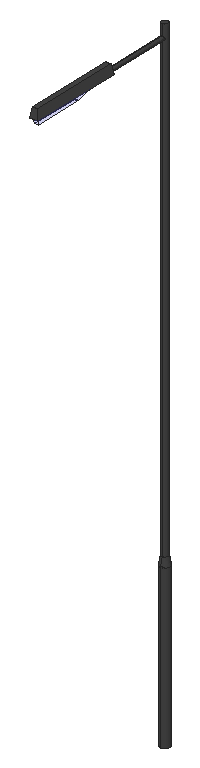
Revit family
Parameters
  Wattage = 250 W
  built-in parameter 1150110 = 1 (stored number, unit not read)
  built-in parameter 1114217 = 1 (stored number, unit not read)
  built-in parameter 1150109 = 1 (stored number, unit not read)
  built-in parameter 1150134 = 3
  built-in parameter 1150113 = 1 (stored number, unit not read)
  Material Lamp Post = Paint - Black Matte
  Material Lamp Glazing = Glass
  built-in parameter 1150105 = 1432.4 (stored number, unit not read)
  Lumens = 4500 lm
  built-in parameter 1150115 = 1 (stored number, unit not read)
  Light Source Symbol Size = 609.6 mm
  built-in parameter 1150137 = (empty or 0)
  built-in parameter 1150139 = (empty or 0)
  built-in parameter 1150112 = 1 (stored number, unit not read)
  built-in parameter 1150114 = 1 (stored number, unit not read)
  built-in parameter 1150132 = (empty or 0)
  built-in parameter 1150102 = (empty or 0)
  built-in parameter 1150107 = 3200 (stored number, unit not read)
  built-in parameter 1150138 = (empty or 0)
  built-in parameter 1150106 = 14.324 (stored number, unit not read)
  Height = 10000 mm
  built-in parameter 1150104 = 1.6723 (stored number, unit not read)
  Dimming Lamp Color Temperature Shift = (empty or 0)
  Color Filter = 16777215
  Base Height = 2500 mm
  built-in parameter 1114218 = 1 (stored number, unit not read)
  built-in parameter 1150133 = 10 (stored number, unit not read)
  Arm Length = 2500 mm
Reference planes
  plane 1 "Light Source Axis (F/B)": y = 0
  plane 2: z = 0
  plane 3 "Light Source Axis (L/R)": x = 43.565
  plane 4 "Light Source Elevation": z = 10000
  plane 5: z = 2500
  plane 6: x = -6.435
  plane 7: x = 93.565
  plane 8: z = 2640
  plane 9: y = -2500
  plane 10: y = -2050
  plane 11: z = 9800
  plane 12: x = 43.565
  plane 13: z = 9800
  plane 14: y = -1320
  plane 15: z = 9670
Forms (mm)
  Extrusion 1, solid, material "Paint - Black Matte" <- "Material Lamp Post"
    sketch origin (0, 0, 2500) x (0, -1, 0) y (-1, 0, 0)
      loop
        circle (0, -43.565) r 50
    from -140 to -7500
  Blend 2, solid, material "Paint - Black Matte" <- "Material Lamp Post"
    base sketch origin (0, 0, 2500) x (0, -1, 0) y (1, 0, 0)
      loop
        circle (0, 43.565) r 75
    top sketch origin (0, 0, 2500) x (0, -1, 0) y (1, 0, 0)
      loop
        circle (0, 43.565) r 50
    from 0 to 140
  Extrusion 3, solid, material "Paint - Black Matte" <- "Material Lamp Post"
    sketch origin (0, 0, 2500) x (0, -1, 0) y (-1, 0, 0)
      loop
        circle (0, -43.565) r 75
    from 0 to 2500
  Extrusion 4, solid, material "Paint - Black Matte" <- "Material Lamp Post"
    sketch origin (0, -2050, 0) x (0, 0, -1) y (1, 0, 0)
      loop
        circle (-9800, 43.565) r 30
    from 0 to -2050
  Blend 5, solid, material "Paint - Black Matte" <- "Material Lamp Post"
    base sketch origin (0, 0, 9800) x (0, 1, 0) y (-1, 0, 0)
      loop
        line (-1070, -111.065) -> (-1070, 23.935) -> (-2530, 23.935) -> (-2530, -111.065) -> (-1070, -111.065)
    top sketch origin (0, 0, 9800) x (0, 1, 0) y (-1, 0, 0)
      loop
        line (-1100, -6.065) -> (-2500, -6.065) -> (-2500, -81.065) -> (-1100, -81.065) -> (-1100, -6.065)
    from -30 to 119.26
  Blend 6, solid, material "Glass" <- "Material Lamp Glazing"
    base sketch origin (0, 0, 9800) x (0, 1, 0) y (-1, 0, 0)
      loop
        line (-1320, -6.065) -> (-2500, -6.065) -> (-2500, -81.065) -> (-1320, -81.065) -> (-1320, -6.065)
    top sketch origin (0, 0, 9800) x (0, 1, 0) y (-1, 0, 0)
      loop
        line (-1700, -18.565) -> (-2475, -18.565) -> (-2475, -68.565) -> (-1700, -68.565) -> (-1700, -18.565)
    from -30 to -130
Cuts and joins
  joined: Extrusion 1, Extrusion 4, Blend 5
Dimensions and locks
  "Base Height": plane 5 to plane 2
  "Height": plane 4 "Light Source Elevation" to plane 2
  locked: plane 8 to plane 5 at 140
  "Arm Length": plane 9 to plane 1 "Light Source Axis (F/B)"
  plane 11 to plane 4 "Light Source Elevation" = 200 mm
  locked: plane 4 "Light Source Elevation" to plane 13 at 200
  equal spacing: Blend 5 sketch curve, plane 3 "Light Source Axis (L/R)", Blend 5 sketch curve  (x2)
  Blend 5 sketch curve to Blend 5 sketch curve = 135 mm
  locked: Blend 5 sketch curve to Blend 5 sketch curve at 75
  plane 9 to plane 14 = 1180 mm
  equal spacing: Blend 6 sketch curve, plane 3 "Light Source Axis (L/R)", Blend 6 sketch curve  (x2)
  locked: Blend 6 sketch curve to Blend 6 sketch curve at 75
  Blend 6 sketch curve to Blend 6 sketch curve = 50 mm
  Blend 6 sketch curve to var sketch = 380 mm
  plane 9 to Blend 5 sketch curve = 1430 mm
  plane 9 to Blend 5 sketch curve = 1400 mm
  locked: plane 4 "Light Source Elevation" to plane 15 at 330
  locked: plane 10 to plane 9 at 450
  aligned and locked: Extrusion 1 to plane 4 "Light Source Elevation"
  aligned and locked: plane 8 to Extrusion 1
  aligned and locked: Extrusion 3 to level
  aligned and locked: Extrusion 4 to plane 1 "Light Source Axis (F/B)"
  aligned and locked: plane 15 to Blend 6
  aligned and locked: plane 15 to imposter light
  aligned and locked: imposter light to plane 3 "Light Source Axis (L/R)"
  aligned and locked: imposter light to plane 10
Automatic sketch dimensions
  Extrusion 1 sketch curve to plane 1 "Light Source Axis (F/B)" = 0 mm
  Extrusion 1 sketch curve to plane 3 "Light Source Axis (L/R)" = 0 mm
  Blend 2 sketch curve to plane 1 "Light Source Axis (F/B)" = 0 mm  (x2)
  Blend 2 sketch curve to plane 3 "Light Source Axis (L/R)" = 0 mm  (x2)
  Extrusion 3 sketch curve to plane 1 "Light Source Axis (F/B)" = 0 mm
  Extrusion 3 sketch curve to plane 3 "Light Source Axis (L/R)" = 0 mm
  Extrusion 4 sketch curve to plane 3 "Light Source Axis (L/R)" = 0 mm
  Extrusion 4 sketch curve to plane 11 = 0 mm
  plane 9 to Blend 5 sketch curve = 30 mm
  Blend 6 sketch curve to plane 9 = 0 mm
  Blend 6 sketch curve to plane 14 = 0 mm
  Blend 5 sketch curve to plane 9 = 0 mm
  Blend 6 sketch curve to plane 9 = 25 mm
  radius of Extrusion 1 sketch curve = 50 mm
  radius of Blend 2 sketch curve = 75 mm
  radius of Blend 2 sketch curve = 50 mm
  radius of Extrusion 3 sketch curve = 75 mm
  radius of Extrusion 4 sketch curve = 30 mm
